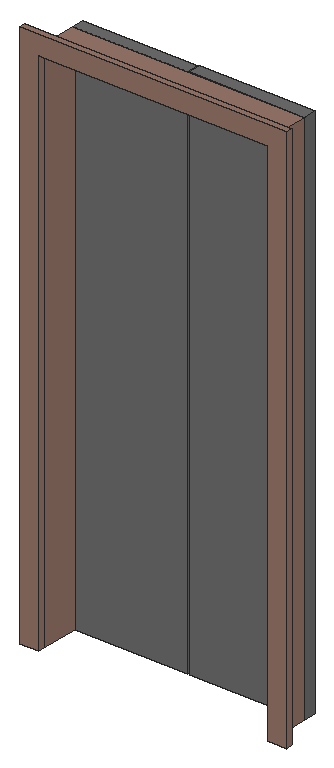
Revit family "0021_M_DR_W_elevator door-center", category 특수 시설물, Revit 2026
Family settings
  호스트 = 벽
  원형 커넥터 치수 = 지름 사용
  부품 유형 = 정의되지 않음
  뷰에서 절단 사용 = 아니오
  항상 수직 = 예
  로드될 때 보이드를 사용하여 절단 = 아니오
  주석 방향 유지 = 아니오
  공유 = 아니오
  룸 계산 점 = 아니오
Parameters (values of type "36" x 84"")
  조합 코드 = "D1010"
  기본 높이 = 0' - 0"
  Door Finish = Elevator Door
  Door Height = 7' - 0"
  Door Width = 3' - 0"
  Frame Finish = Door - Frame
  Trim Projection = 0' - 1"
  Trim Width = 0' - 3"
Types (6): name | 조합 코드 | Door Height | Door Width | Trim Projection | Trim Width
  (no name) | "D1010" | 7' - 0" | 3' - 0" | 0' - 1" | 0' - 3"
  48" x 84" | "D1010" | 7' - 0" | 4' - 0" | 0' - 1" | 0' - 3"
  36" x 84" | "D1010" | 7' - 0" | 3' - 0" | 0' - 1" | 0' - 3"
  32" x 84" | "D1010" | 7' - 0" | 2' - 8" | 0' - 1" | 0' - 3"
  42" x 84" | "D1010" | 7' - 0" | 3' - 6" | 0' - 1" | 0' - 3"
  900 x 2100mm | 0' - 0" | 6' - 10 87/128" | 2' - 11 55/128" | 0' - 0 63/64" | 0' - 2 61/64"
Reference planes (in)
  plane 1: y = 0
  plane 2: x = -3.90298
  plane 3: y = 3
  plane 4: z = 85
  plane 5: x = 14.34702
  plane 6: x = -22.15298
  plane 7: x = -21.90298
  plane 8: x = 14.09702
  plane 9: z = 84
  plane 10: y = 5
Forms (in)
  Extrusion 1, solid, material "Elevator Door" <- "Door Finish"
    sketch origin (0, 3, 0) x (1, 0, 0) y (0, 0, 1)
      loop
        line (14.34702, 85) -> (-3.77798, 85) -> (-3.77798, 0) -> (14.34702, 0) -> (14.34702, 85)
    from 0 to -2
  Extrusion 2, solid, material "Elevator Door" <- "Door Finish"
    sketch origin (0, 3, 0) x (1, 0, 0) y (0, 0, 1)
      loop
        line (-22.15298, 85) -> (-22.15298, 0) -> (-4.02798, 0) -> (-4.02798, 85) -> (-22.15298, 85)
    from 0 to -2
  Extrusion 3, solid, material "Door - Frame" <- "Frame Finish"
    sketch origin (-60, -3, 0) x (1, 0, 0) y (0, 0, 1)
      loop
        line (38.09702, 0) -> (38.09702, 84) -> (74.09702, 84) -> (74.09702, 0) -> (77.09702, 0) -> (77.09702, 87) -> (35.09702, 87) -> (35.09702, 0) -> (38.09702, 0)
    from 0 to 1
  Extrusion 4, solid, material "Door - Frame" <- "Frame Finish"
    sketch origin (-60, -3, 0) x (1, 0, 0) y (0, 0, 1)
      loop
        line (38.09702, 0) -> (38.09702, 84) -> (74.09702, 84) -> (74.09702, 0) -> (74.34702, 0) -> (74.34702, 85) -> (37.84702, 85) -> (37.84702, 0) -> (38.09702, 0)
    from 0 to -6
Lines and regions (in)
  Opening 1
    outline origin (-60, -3, 0) x (1, 0, 0) y (0, 0, 1)
      loop
        line (74.34702, 0) -> (74.34702, 85) -> (37.84702, 85) -> (37.84702, 0) -> (74.34702, 0)
Text (in)
  text "Elevator Car" at (0, 15.94897, 48.75768), in view "Right"
  text "Elevator Cab" at (0, 47.49176, 52.40297), in view "Left"
Dimensions and locks (in)
  equal spacing: plane 7, plane 2, plane 8
  locked: plane 6 to plane 7 at 0.25
  locked: plane 8 to plane 5 at 0.25
  "Door Width": plane 7 to plane 8
  "Door Height": plane 9 to level
  locked: plane 4 to plane 9 at 1
  "Trim Projection": Extrusion 3 to host wall
  "Trim Width": Extrusion 3 sketch curve to plane 7
  "Trim Width": plane 8 to Extrusion 3 sketch curve
  "Trim Width": Extrusion 3 sketch curve to plane 9
  locked: plane 3 to plane 10 at 2
  aligned and locked: plane 3 to host wall
  aligned and locked: Extrusion 4 to plane 3
  aligned and locked: Extrusion 2 to plane 10
  aligned and locked: Extrusion 1 to Extrusion 2
Automatic sketch dimensions
  Opening 1 sketch curve to level = 0' - 0"
  Opening 1 sketch curve to plane 6 = 0' - 0"
  Opening 1 sketch curve to plane 4 = 0' - 0"
  Opening 1 sketch curve to plane 5 = 0' - 0"
  Extrusion 3 sketch curve to level = 0' - 0"  (x2)
  Extrusion 3 sketch curve to plane 7 = 0' - 0"
  Extrusion 3 sketch curve to plane 8 = 0' - 0"
  Extrusion 3 sketch curve to plane 9 = 0' - 0"
  Extrusion 4 sketch curve to level = 0' - 0"  (x2)
  Extrusion 4 sketch curve to plane 6 = 0' - 0"
  Extrusion 4 sketch curve to plane 7 = 0' - 0"
  Extrusion 4 sketch curve to plane 8 = 0' - 0"
  Extrusion 4 sketch curve to plane 4 = 0' - 0"
  Extrusion 4 sketch curve to plane 5 = 0' - 0"
  Extrusion 4 sketch curve to plane 9 = 0' - 0"
  Extrusion 2 sketch curve to level = 0' - 0"
  Extrusion 2 sketch curve to plane 6 = 0' - 0"
  Extrusion 2 sketch curve to plane 4 = 0' - 0"
  Extrusion 2 sketch curve to plane 2 = 0' - 0 1/8"
  Extrusion 1 sketch curve to plane 4 = 0' - 0"
  Extrusion 1 sketch curve to level = 0' - 0"
  Extrusion 1 sketch curve to plane 5 = 0' - 0"
  plane 2 to Extrusion 1 sketch curve = 0' - 0 1/8"
